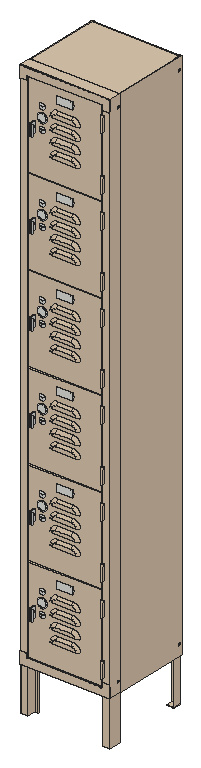
Revit family "Metal_Lockers-Salsbury_Industries-65000_66000_Series-1_Wide_Units", category Specialty Equipment, Revit 2016 (continued)
Definition of nested family "Metal Locker Legs"
  Automatic sketch dimensions
    Extrusion 5 sketch curve to plane 22 "Inside Edge or Left Rear Leg" = 0.000"
    Extrusion 5 sketch curve to plane 19 "Left Edge or Rear Left Leg" = 0.000"
    plane 20 to Extrusion 5 sketch curve = 0.000"
    Extrusion 5 sketch curve to plane 17 "Back Edge of Rear Legs" = 0.060"
    Extrusion 5 sketch curve to plane 19 "Left Edge or Rear Left Leg" = 0.060"
    plane 17 "Back Edge of Rear Legs" to Extrusion 6 sketch curve = 0.000"
    Extrusion 6 sketch curve to plane 19 "Left Edge or Rear Left Leg" = 0.000"
    plane 20 to Extrusion 6 sketch curve = 0.000"
    Extrusion 6 sketch curve to plane 22 "Inside Edge or Left Rear Leg" = 0.000"
Definition of nested family "Metal Locker Doors-12 inch with Latch Hasps"
  Parameters (values of type "Six Tier Door - 6 foot")
    Width = 9.901"
    Visible = yes
    Primary Structure Material = none
    Louver Set Vertical Alignment = 2.731"
    Number Plate Alignment = 0.9375"
    Louver Width = 4.000"
    Hinge 2 Placement = 8.449"
    Hinge 1 Placement = 1.125"
    Height = 11.532"
    Hasp Plate Rivet Material = none
    Hasp Height = 1.438"
    Depth = 0.900"
  Types (4): name | Louver Set Vertical Alignment | Hinge 2 Placement | Height
    Four Tier Door - 6 foot | 5.710" | 14.142" | 17.360"
    Four Tier Door - 5 foot | 4.240" | 11.142" | 14.360"
    Five Tier Door - 5 foot | 2.826" | 8.188" | 11.463"
    Six Tier Door - 6 foot | 2.731" | 8.449" | 11.532"
  Reference planes (in)
    plane 1 "Center (Front/Back)": y = 0
    plane 2 "Bottom of Door": z = 0
    plane 3 "Center (Left/Right)": x = 0
    plane 4 "Center (Top/Bottom)": z = 5.766
    plane 5 "Top of Door": z = 11.532
    plane 6 "Right Side of Door": x = 4.9505
    plane 7 "Left Side of Door": x = -4.9505
    plane 8 "Front of Door": y = -0.45
    plane 9 "Back of Door": y = 0.45
    plane 10 "Top of Number Plate": z = 10.5945
    plane 11 "Top of Top Vent 1": z = 8.801
    plane 12 "Top of Top Vent 2": z = 7.176
    plane 13 "Top of Top Vent 3": z = 5.551
    plane 14 "Top of Top Vent 4": z = 3.926
    plane 15 "Top of Hasp Alignment": z = 6.485
    plane 16 "Bottom of Hasp Alignment": z = 5.047
    plane 17 "Left Side of Louvers": x = -2
    plane 18 "Right Side of Louvers": x = 2
    plane 19 "Front of Louvers": y = -0.6375
    plane 20: x = -1.094
    plane 21: x = 1.094
    plane 22: z = 9.5945
    plane 23 "Center Hasp": x = -1.7755
    plane 24 "Top of Hinge 2": z = 3.083
    plane 25 "Top of Hinge 1": z = 10.407
    plane 26 "Left Hasp Hole Align": x = -4.263
    plane 27 "Right Hasp Hole Align": x = -4.013
    plane 28 "Center Hasp Stud Align": z = 7.18441
    plane 29 "Top Hasp Stud Align": z = 8.60282
    plane 30 "Vertical Hasp Stud Align": x = -3.076
    plane 31: z = 7.801
    plane 32: z = 6.176
    plane 33: z = 4.551
    plane 34: z = 2.926
    plane 35 "Vertical Center Hasp Align": x = -4.13777
  Forms (in)
    Extrusion 1, solid, material <- "Primary Structure Material", visible <- "Visible"
      sketch origin (0, 0, 0) x (1, 0, 0) y (0, 0, 1)
        loop
          line (-4.9505, 11.532) -> (-4.9505, 0) -> (4.9505, 0) -> (4.9505, 11.532) -> (-4.9505, 11.532)
      from -0.45 to 0.45
    Extrusion 2, solid, material <- "Hasp Plate Rivet Material", visible <- "Visible", detail levels medium+fine
      sketch origin (0, -0.45, 0) x (1, 0, 0) y (0, 0, 1)
        loop
          arc (-1.06847, 10.55895) -> (-1.10166, 10.09621) -> (-1.06847, 9.63347) r 3.2426
          arc (-1.06847, 9.63347) -> (0, 9.59472) -> (1.06847, 9.63347) r 14.75
          arc (1.06847, 9.63347) -> (1.10166, 10.09621) -> (1.06847, 10.55895) r 3.2426
          arc (1.06847, 10.55895) -> (0, 10.59799) -> (-1.06847, 10.55895) r 14.63753
      from 0 to 0.03497
    Extrusion 3, void
      sketch origin (-1.7755, -0.13281, 0.04687) x (0, 0, -1) y (0, -1, 0)
        loop
          circle (-5.44277, -0.16411) r 0.2
      from -0.163 to 0.163
    Extrusion 4, solid, material <- "Primary Structure Material", visible <- "Visible", detail levels medium+fine
      sketch origin (0, 0, 10.407) x (0, -1, 0) y (1, 0, 0)
        loop
          line (0.45, 4.9505) -> (0.575, 4.9505)
          arc (0.575, 4.9505) -> (0.7, 5.0755) -> (0.575, 5.2005) r 0.125
          line (0.575, 5.2005) -> (0.45, 5.2005) -> (0.45, 4.9505)
      from 0 to -2
    Extrusion 5, solid, material <- "Primary Structure Material", visible <- "Visible", detail levels medium+fine
      sketch origin (0, 0, 3.083) x (0, -1, 0) y (1, 0, 0)
        loop
          line (0.45, 4.9505) -> (0.575, 4.9505)
          arc (0.575, 4.9505) -> (0.7, 5.0755) -> (0.575, 5.2005) r 0.125
          line (0.575, 5.2005) -> (0.45, 5.2005) -> (0.45, 4.9505)
      from 0 to -2
    Extrusion 6, void
      sketch origin (0, -0.45, 0) x (1, 0, 0) y (0, 0, 1)
        loop
          line (-4.263, 6.485) -> (-4.263, 5.047) -> (-4.013, 5.047) -> (-4.013, 6.485) -> (-4.263, 6.485)
      from -0.9 to 0
    Blend 7, solid, material <- "Primary Structure Material", visible <- "Visible"
      base sketch origin (0.875, -0.45, 0.208) x (1, 0, 0) y (0, 0, 1)
        loop
          line (-2.875, 7.593) -> (1.125, 7.593)
          arc (1.125, 7.593) -> (0.83211, 8.30011) -> (0.125, 8.593) r 1
          line (0.125, 8.593) -> (-1.875, 8.593)
          arc (-1.875, 8.593) -> (-2.58211, 8.30011) -> (-2.875, 7.593) r 1
      top sketch origin (0.875, -0.6375, 0.208) x (1, 0, 0) y (0, 0, 1)
        loop
          line (-2.44242, 7.593) -> (0.69242, 7.593)
          arc (0.69242, 7.593) -> (0.52766, 7.99075) -> (0.12992, 8.1555) r 0.5625
          line (0.12992, 8.1555) -> (-1.87992, 8.1555)
          arc (-1.87992, 8.1555) -> (-2.27766, 7.99075) -> (-2.44242, 7.593) r 0.5625
      from 0 to 0
    Blend 8, solid, material <- "Primary Structure Material", visible <- "Visible"
      base sketch origin (0.875, -0.45, 1.652) x (1, 0, 0) y (0, 0, 1)
        loop
          line (-2.875, 4.524) -> (1.125, 4.524)
          arc (1.125, 4.524) -> (0.83211, 5.23111) -> (0.125, 5.524) r 1
          line (0.125, 5.524) -> (-1.875, 5.524)
          arc (-1.875, 5.524) -> (-2.58211, 5.23111) -> (-2.875, 4.524) r 1
      top sketch origin (0.875, -0.6375, 1.652) x (1, 0, 0) y (0, 0, 1)
        loop
          line (-2.43346, 4.524) -> (0.68346, 4.524)
          arc (0.68346, 4.524) -> (0.52224, 4.91321) -> (0.13303, 5.07443) r 0.55043
          line (0.13303, 5.07443) -> (-1.88303, 5.07443)
          arc (-1.88303, 5.07443) -> (-2.27224, 4.91321) -> (-2.43346, 4.524) r 0.55043
      from 0 to 0
    Blend 9, solid, material <- "Primary Structure Material", visible <- "Visible"
      base sketch origin (0.875, -0.45, -3.042) x (1, 0, 0) y (0, 0, 1)
        loop
          line (-2.875, 7.593) -> (1.125, 7.593)
          arc (1.125, 7.593) -> (0.83211, 8.30011) -> (0.125, 8.593) r 1
          line (0.125, 8.593) -> (-1.875, 8.593)
          arc (-1.875, 8.593) -> (-2.58211, 8.30011) -> (-2.875, 7.593) r 1
      top sketch origin (0.875, -0.6375, -3.042) x (1, 0, 0) y (0, 0, 1)
        loop
          line (-2.44242, 7.593) -> (0.58842, 7.593)
          arc (0.58842, 7.593) -> (0.45412, 7.91721) -> (0.12992, 8.0515) r 0.4585
          line (0.12992, 8.0515) -> (-1.98392, 8.0515)
          arc (-1.98392, 8.0515) -> (-2.30812, 7.91721) -> (-2.44242, 7.593) r 0.4585
      from 0 to 0
    Blend 10, solid, material <- "Primary Structure Material", visible <- "Visible"
      base sketch origin (0.875, -0.45, -1.598) x (1, 0, 0) y (0, 0, 1)
        loop
          line (-2.875, 4.524) -> (1.125, 4.524)
          arc (1.125, 4.524) -> (0.83211, 5.23111) -> (0.125, 5.524) r 1
          line (0.125, 5.524) -> (-1.875, 5.524)
          arc (-1.875, 5.524) -> (-2.58211, 5.23111) -> (-2.875, 4.524) r 1
      top sketch origin (0.875, -0.6375, -1.598) x (1, 0, 0) y (0, 0, 1)
        loop
          line (-2.43234, 4.524) -> (0.68234, 4.524)
          arc (0.68234, 4.524) -> (0.52129, 4.9128) -> (0.13249, 5.07385) r 0.54985
          line (0.13249, 5.07385) -> (-1.88249, 5.07385)
          arc (-1.88249, 5.07385) -> (-2.27129, 4.9128) -> (-2.43234, 4.524) r 0.54985
      from 0 to 0
    Blend 11, solid, material <- "Hasp Plate Rivet Material", visible <- "Visible", detail levels medium+fine
      base sketch origin (0, -0.45, 0) x (1, 0, 0) y (0, 0, 1)
        loop
          circle (-3.076, 5.766) r 0.375
      top sketch origin (0, -0.45, 0) x (1, 0, 0) y (0, 0, 1)
        loop
          circle (-3.076, 5.766) r 0.09706
      from 0 to 0.03497
    Blend 12, solid, material <- "Hasp Plate Rivet Material", visible <- "Visible", detail levels medium+fine
      base sketch origin (0, -0.45, 2.83682) x (1, 0, 0) y (0, 0, 1)
        loop
          circle (-3.076, 5.766) r 0.375
      top sketch origin (0, -0.45, 2.83682) x (1, 0, 0) y (0, 0, 1)
        loop
          circle (-3.076, 5.766) r 0.09706
      from 0 to 0.03497
    Blend 13, solid, material <- "Hasp Plate Rivet Material", visible <- "Visible", detail levels medium+fine
      base sketch origin (0, -0.45, -0.16841) x (1, 0, 0) y (0, 0, 1)
        loop
          circle (-3.076, 7.35282) r 0.625
      top sketch origin (0, -0.45, -0.16841) x (1, 0, 0) y (0, 0, 1)
        loop
          circle (-3.076, 7.35282) r 0.58088
      from 0 to 0.03497
    Extrusion 14, solid, material <- "Hasp Plate Rivet Material", visible <- "Visible"
      sketch origin (0, 0, 5.047) x (0, -1, 0) y (1, 0, 0)
        loop
          line (-0.45, -4.07527) -> (-0.45, -4.13777) -> (1.2, -4.13777)
          arc (1.2, -4.13777) -> (1.24419, -4.11946) -> (1.2625, -4.07527) r 0.0625
          line (1.2625, -4.07527) -> (1.2625, -3.76277) -> (1.20579, -3.76277) -> (1.20579, -4.0127)
          arc (1.20579, -4.0127) -> (1.18746, -4.05694) -> (1.14322, -4.07527) r 0.06257
          line (1.14322, -4.07527) -> (-0.45, -4.07527)
      from 0 to 1.438
    Extrusion 15, solid, material <- "Hasp Plate Rivet Material", visible <- "Visible"
      sketch origin (0, 0, 5.047) x (0, -1, 0) y (1, 0, 0)
        loop
          line (-0.45, -4.20027) -> (1.2625, -4.20027) -> (1.2625, -4.13777) -> (-0.45, -4.13777) -> (-0.45, -4.20027)
      from 0 to 1.438
    Extrusion 16, void
      sketch origin (-4.013, 0, 0) x (0, 0, -1) y (0, -1, 0)
        loop
          circle (-5.766, 0.82219) r 0.375
      from 0 to 0.25
  Cuts and joins
    Extrusion 3, Extrusion 6 cuts Extrusion 1
    Extrusion 16 cuts Extrusion 14
    Extrusion 16 cuts Extrusion 15
  Lines and regions (in)
    symbolic lines
      curve 1: arc (-2, -0.45, 7.801) -> (-1.70711, -0.45, 8.50811) -> (-1, -0.45, 8.801) r 1
      curve 2: arc (2, -0.45, 7.801) -> (1.70711, -0.45, 8.50811) -> (1, -0.45, 8.801) r 1
      curve 3: arc (2, -0.45, 6.176) -> (1.70711, -0.45, 6.88311) -> (1, -0.45, 7.176) r 1
      curve 4: arc (-2, -0.45, 6.176) -> (-1.70711, -0.45, 6.88311) -> (-1, -0.45, 7.176) r 1
      curve 5: arc (2, -0.45, 4.551) -> (1.70711, -0.45, 5.25811) -> (1, -0.45, 5.551) r 1
      curve 6: arc (-2, -0.45, 4.551) -> (-1.70711, -0.45, 5.25811) -> (-1, -0.45, 5.551) r 1
      curve 7: arc (-2, -0.45, 2.926) -> (-1.70711, -0.45, 3.63311) -> (-1, -0.45, 3.926) r 1
      curve 8: arc (2, -0.45, 2.926) -> (1.70711, -0.45, 3.63311) -> (1, -0.45, 3.926) r 1
      curve 9: line (-2, -0.45, 2.926) -> (2, -0.45, 2.926)
      curve 10: line (1, -0.45, 3.926) -> (-1, -0.45, 3.926)
      curve 11: line (-2, -0.45, 4.551) -> (2, -0.45, 4.551)
      curve 12: line (1, -0.45, 5.551) -> (-1, -0.45, 5.551)
      curve 13: line (1, -0.45, 7.176) -> (-1, -0.45, 7.176)
      curve 14: line (-2, -0.45, 6.176) -> (2, -0.45, 6.176)
      curve 15: line (2, -0.45, 7.801) -> (-2, -0.45, 7.801)
      curve 16: line (1, -0.45, 8.801) -> (-1, -0.45, 8.801)
      curve 17: circle (-3.076, -0.45, 7.18441) r 0.625 normal (0, -1, 0)
      curve 18: circle (-3.076, -0.45, 8.60282) r 0.375 normal (0, -1, 0)
      curve 19: circle (-3.076, -0.45, 5.766) r 0.375 normal (0, -1, 0)
      curve 20: line (-4.263, -0.45, 6.485) -> (-3.76277, -0.45, 6.485)
      curve 21: line (-4.263, -0.45, 5.047) -> (-4.263, -0.45, 6.485)
      curve 22: line (-3.76277, -0.45, 5.047) -> (-4.263, -0.45, 5.047)
      curve 23: line (-3.76277, -0.45, 6.485) -> (-3.76277, -0.45, 5.047)
      curve 24: line (-4.20027, -0.44719, 5.047) -> (-4.20027, -1.2625, 5.047)
      curve 25: line (-4.20027, -1.2625, 5.047) -> (-3.76277, -1.2625, 5.047)
      curve 26: line (-3.76277, -1.2625, 5.047) -> (-3.76277, -1.20579, 5.047)
      curve 27: line (-3.76277, -1.20579, 5.047) -> (-4.0127, -1.20579, 5.047)
      curve 28: arc (-4.0127, -1.20579, 5.047) -> (-4.05694, -1.18746, 5.047) -> (-4.07527, -1.14322, 5.047) r 0.06257
      curve 29: line (-4.07527, -1.14322, 5.047) -> (-4.07527, -0.44719, 5.047)
      curve 30: line (-1.56742, -0.6375, 5.047) -> (-2, -0.45, 5.047)
      curve 31: line (1.55734, -0.6375, 5.047) -> (2.0161, -0.43865, 5.047)
      curve 32: line (1.55734, -0.6375, 5.047) -> (-1.56742, -0.6375, 5.047)
  Dimensions and locks (in)
    equal spacing: plane 5 "Top of Door", plane 4 "Center (Top/Bottom)", plane 2 "Bottom of Door"
    "Height": plane 5 "Top of Door" to plane 2 "Bottom of Door"
    equal spacing: plane 8 "Front of Door", plane 1 "Center (Front/Back)", plane 9 "Back of Door"
    "Depth": plane 8 "Front of Door" to plane 9 "Back of Door"
    equal spacing: plane 7 "Left Side of Door", plane 3 "Center (Left/Right)", plane 6 "Right Side of Door"
    "Width": plane 7 "Left Side of Door" to plane 6 "Right Side of Door"
    "Number Plate Alignment": plane 5 "Top of Door" to plane 10 "Top of Number Plate" to plane 22
    equal spacing: plane 17 "Left Side of Louvers", plane 3 "Center (Left/Right)", plane 18 "Right Side of Louvers"
    "Louver Width": plane 17 "Left Side of Louvers" to plane 18 "Right Side of Louvers"
    "Louver Set Vertical Alignment": plane 5 "Top of Door" to plane 11 "Top of Top Vent 1"
    plane 11 "Top of Top Vent 1" to plane 12 "Top of Top Vent 2" to plane 13 "Top of Top Vent 3" to plane 14 "Top of Top Vent 4" = 1.625", 1.625", 1.625"
    plane 29 "Top Hasp Stud Align" to plane 28 "Center Hasp Stud Align" to plane 15 "Top of Hasp Alignment" to plane 4 "Center (Top/Bottom)" to plane 16 "Bottom of Hasp Alignment" = 1.41841", 0.69941", 0.719", 0.719"
    "Hasp Height": plane 15 "Top of Hasp Alignment" to plane 16 "Bottom of Hasp Alignment"
    locked: plane 19 "Front of Louvers" to plane 8 "Front of Door" at 0.1875
    plane 20 to plane 3 "Center (Left/Right)" to plane 21 = 1.094" locked, 1.094" locked
    "Hinge 1 Placement": plane 5 "Top of Door" to plane 25 "Top of Hinge 1"
    "Hinge 2 Placement": plane 5 "Top of Door" to plane 24 "Top of Hinge 2"
    plane 7 "Left Side of Door" to plane 26 "Left Hasp Hole Align" to plane 27 "Right Hasp Hole Align" to plane 30 "Vertical Hasp Stud Align" = 0.6875" locked, 0.250" locked, 0.937" locked
    plane 11 "Top of Top Vent 1" to plane 31 = 1.000"
    plane 12 "Top of Top Vent 2" to plane 32 = 1.000"
    plane 13 "Top of Top Vent 3" to plane 33 = 1.000"
    plane 14 "Top of Top Vent 4" to plane 34 = 1.000"
    aligned and locked: level to plane 2 "Bottom of Door"
    aligned and locked: plane 5 "Top of Door" to Extrusion 1 sketch curve
    aligned and locked: Extrusion 1 sketch curve to plane 7 "Left Side of Door"
    aligned and locked: plane 2 "Bottom of Door" to Extrusion 1 sketch curve
    aligned and locked: plane 6 "Right Side of Door" to Extrusion 1 sketch curve
    aligned and locked: plane 15 "Top of Hasp Alignment" to Extrusion 6 sketch curve
    aligned and locked: Extrusion 6 sketch curve to plane 26 "Left Hasp Hole Align"
    aligned and locked: Extrusion 6 sketch curve to plane 16 "Bottom of Hasp Alignment"
    aligned and locked: plane 27 "Right Hasp Hole Align" to Extrusion 6 sketch curve
    aligned and locked: plane 11 "Top of Top Vent 1" to Blend 7
    aligned and locked: plane 12 "Top of Top Vent 2" to Blend 8
    aligned and locked: plane 13 "Top of Top Vent 3" to Blend 9
    aligned and locked: plane 14 "Top of Top Vent 4" to Blend 10
    aligned and locked: plane 31 to Blend 7
    aligned and locked: Blend 7 sketch curve to plane 11 "Top of Top Vent 1"
    aligned and locked: plane 31 to Blend 7 sketch curve  (x2)
    aligned and locked: Blend 8 sketch curve to plane 12 "Top of Top Vent 2"
    aligned and locked: plane 32 to Blend 8 sketch curve  (x2)
    aligned and locked: Blend 9 sketch curve to plane 13 "Top of Top Vent 3"
    aligned and locked: plane 33 to Blend 9 sketch curve  (x2)
    aligned and locked: Blend 10 sketch curve to plane 14 "Top of Top Vent 4"
    aligned and locked: plane 34 to Blend 10 sketch curve  (x2)
    aligned and locked: plane 29 "Top Hasp Stud Align" to Blend 12 sketch curve  (x2)
    aligned and locked: plane 4 "Center (Top/Bottom)" to Blend 11 sketch curve  (x2)
    aligned and locked: plane 28 "Center Hasp Stud Align" to Blend 13 sketch curve  (x2)
    aligned and locked: plane 35 "Vertical Center Hasp Align" to Extrusion 15 sketch curve
    aligned and locked: plane 35 "Vertical Center Hasp Align" to Extrusion 14 sketch curve
    aligned and locked: plane 4 "Center (Top/Bottom)" to Extrusion 16 sketch curve
    aligned and locked: curve 1 to Blend 7  (x2)
    aligned and locked: Blend 7 to curve 2  (x2)
    aligned and locked: curve 3 to Blend 8
    aligned and locked: Blend 8 to curve 3
    aligned and locked: curve 4 to Blend 8
    aligned and locked: curve 5 to Blend 9
    aligned and locked: Blend 9 to curve 5
    aligned and locked: Blend 9 to curve 6
    aligned and locked: curve 6 to Blend 9
    aligned and locked: curve 7 to Blend 10
    aligned and locked: curve 8 to Blend 10
    aligned and locked: curve 9 to Blend 10
    aligned and locked: curve 10 to Blend 10
    aligned and locked: curve 14 to Blend 8
    aligned and locked: curve 20 to cut or joined group of Extrusion 1, Extrusion 3, Extrusion 6
    aligned and locked: curve 21 to cut or joined group of Extrusion 1, Extrusion 3, Extrusion 6
    aligned and locked: curve 22 to cut or joined group of Extrusion 14, Extrusion 16
    aligned and locked: curve 23 to cut or joined group of Extrusion 14, Extrusion 16
    aligned and locked: curve 24 to cut or joined group of Extrusion 15, Extrusion 16
    aligned and locked: curve 25 to cut or joined group of Extrusion 15, Extrusion 16
    aligned and locked: curve 26 to cut or joined group of Extrusion 14, Extrusion 16
    aligned and locked: curve 27 to cut or joined group of Extrusion 14, Extrusion 16
    aligned and locked: curve 28 to cut or joined group of Extrusion 14, Extrusion 16
  Automatic sketch dimensions
    Extrusion 2 sketch curve to plane 3 "Center (Left/Right)" = 0.000"  (x2)
    plane 17 "Left Side of Louvers" to Extrusion 2 sketch curve = 0.14094"
    Extrusion 2 sketch curve to plane 18 "Right Side of Louvers" = 0.14094"
    Extrusion 2 sketch curve to level = 4.03954"
    plane 25 "Top of Hinge 1" to Extrusion 2 sketch curve = 0.31079"  (x2)
    Extrusion 2 sketch curve to plane 5 "Top of Door" = 12.81272"
    Extrusion 2 sketch curve to plane 20 = 0.02553"  (x2)
    plane 21 to Extrusion 2 sketch curve = 0.02553"
    Extrusion 2 sketch curve to plane 22 = 0.03897"
    plane 13 "Top of Top Vent 3" to Extrusion 3 sketch curve = 0.06135"
    Extrusion 3 sketch curve to plane 1 "Center (Front/Back)" = 0.0313"
    Extrusion 4 sketch curve to plane 6 "Right Side of Door" = 0.000"
    plane 8 "Front of Door" to Extrusion 4 sketch curve = 0.000"
    Extrusion 4 sketch curve to plane 19 "Front of Louvers" = 0.0625"
    Extrusion 4 sketch curve to plane 6 "Right Side of Door" = 0.125"
    Extrusion 5 sketch curve to plane 6 "Right Side of Door" = 0.000"
    plane 8 "Front of Door" to Extrusion 5 sketch curve = 0.000"
    Extrusion 5 sketch curve to plane 19 "Front of Louvers" = 0.0625"
    Extrusion 5 sketch curve to plane 6 "Right Side of Door" = 0.125"
    plane 17 "Left Side of Louvers" to Blend 7 sketch curve = 0.000"
    plane 18 "Right Side of Louvers" to Blend 7 sketch curve = 0.000"
    Blend 7 sketch curve to plane 23 "Center Hasp" = 0.20808"
    Blend 7 sketch curve to plane 20 = 0.08908"
    plane 21 to Blend 7 sketch curve = 0.08908"
    plane 17 "Left Side of Louvers" to Blend 8 sketch curve = 0.000"
    plane 18 "Right Side of Louvers" to Blend 8 sketch curve = 0.000"
    Blend 8 sketch curve to plane 23 "Center Hasp" = 0.21704"
    Blend 8 sketch curve to plane 20 = 0.08597"
    plane 21 to Blend 8 sketch curve = 0.08597"
    plane 17 "Left Side of Louvers" to Blend 9 sketch curve = 0.000"
    plane 18 "Right Side of Louvers" to Blend 9 sketch curve = 0.000"
    Blend 9 sketch curve to plane 23 "Center Hasp" = 0.20808"
    plane 16 "Bottom of Hasp Alignment" to Blend 9 sketch curve = 0.0375"
    plane 21 to Blend 9 sketch curve = 0.08908"
    plane 17 "Left Side of Louvers" to Blend 10 sketch curve = 0.000"
    plane 18 "Right Side of Louvers" to Blend 10 sketch curve = 0.000"
    Blend 10 sketch curve to plane 23 "Center Hasp" = 0.21816"
    Blend 10 sketch curve to plane 20 = 0.08651"
    plane 21 to Blend 10 sketch curve = 0.08651"
    plane 30 "Vertical Hasp Stud Align" to Blend 11 sketch curve = 0.000"  (x2)
    plane 30 "Vertical Hasp Stud Align" to Blend 12 sketch curve = 0.000"  (x2)
    plane 30 "Vertical Hasp Stud Align" to Blend 13 sketch curve = 0.000"  (x2)
    Extrusion 14 sketch curve to plane 1 "Center (Front/Back)" = 0.450"
    plane 27 "Right Hasp Hole Align" to Extrusion 14 sketch curve = 0.06227"
    Extrusion 14 sketch curve to plane 27 "Right Hasp Hole Align" = 0.0003"
    plane 19 "Front of Louvers" to Extrusion 14 sketch curve = 0.50572"
    Extrusion 14 sketch curve to Extrusion 14 sketch curve = 0.05678"
    Extrusion 14 sketch curve to Extrusion 14 sketch curve = 0.24993"
    plane 9 "Back of Door" to Extrusion 15 sketch curve = 0.000"
    plane 19 "Front of Louvers" to Extrusion 15 sketch curve = 0.625"
    Extrusion 15 sketch curve to plane 26 "Left Hasp Hole Align" = 0.06273"
    Extrusion 14 sketch curve to Extrusion 14 sketch curve = 0.06257"
    plane 19 "Front of Louvers" to Extrusion 16 sketch curve = 0.18469"
    curve 19 to plane 4 "Center (Top/Bottom)" = 0.000"
    plane 30 "Vertical Hasp Stud Align" to curve 19 = 0.000"
    curve 17 to plane 28 "Center Hasp Stud Align" = 0.000"
    plane 30 "Vertical Hasp Stud Align" to curve 17 = 0.000"
    curve 18 to plane 29 "Top Hasp Stud Align" = 0.000"
    plane 30 "Vertical Hasp Stud Align" to curve 18 = 0.000"
    plane 17 "Left Side of Louvers" to curve 11 = 0.000"
    plane 17 "Left Side of Louvers" to curve 4 = 0.000"
    plane 17 "Left Side of Louvers" to curve 9 = 0.000"
    plane 17 "Left Side of Louvers" to curve 15 = 0.000"
    plane 18 "Right Side of Louvers" to curve 8 = 0.000"
    plane 18 "Right Side of Louvers" to curve 3 = 0.000"
    plane 18 "Right Side of Louvers" to curve 15 = 0.000"
    plane 18 "Right Side of Louvers" to curve 11 = 0.000"
    plane 8 "Front of Door" to curve 30 = 0.000"
    plane 19 "Front of Louvers" to curve 30 = 0.000"
    curve 30 to plane 17 "Left Side of Louvers" = 0.000"
    curve 29 to curve 27 = 0.06257"
    curve 24 to plane 8 "Front of Door" = 0.00281"
    curve 29 to plane 8 "Front of Door" = 0.00281"
    curve 31 to plane 8 "Front of Door" = 0.01135"
    curve 30 to plane 23 "Center Hasp" = 0.20808"
    plane 18 "Right Side of Louvers" to curve 32 = 0.44266"
    curve 31 to plane 18 "Right Side of Louvers" = 0.0161"
    radius of Extrusion 3 sketch curve = 0.200"
    radius of Blend 11 sketch curve = 0.375"
    radius of Blend 11 sketch curve = 0.09706"
    radius of Blend 12 sketch curve = 0.375"
    radius of Blend 12 sketch curve = 0.09706"
    radius of Blend 13 sketch curve = 0.625"
    radius of Blend 13 sketch curve = 0.58088"
    radius of Extrusion 16 sketch curve = 0.375"
    radius of curve 17 = 0.625"
    radius of curve 18 = 0.375"
    radius of curve 19 = 0.375"
Definition of nested family "Metal Locker Front Base"
  Parameters (values of type "77742 - for 12" W Lockers with Legs")
    Width = 10.040"
    Visible [instance] = yes
    Version = "1.0 (11/30/15)"
    Type Comments = "Front Base for Standard Metal Lockers"
    Primary Structure Material = none
    Model = "77742"
    MasterFormat Title = ""
    MasterFormat Number = ""
    Manufacturer = "Salsbury Industries"
    Description = "Front Base for 12\" Wide Lockers"
    Depth = 1.185"
    Height = 6.000"
    Assembly Code = ""
  Types (3): name | Width | Visible | Model | Description
    77742 - for 12" W Lockers with Legs | 10.040" | yes | "77742" | "Front Base for 12\" Wide Lockers"
    77745 - for 15" W Lockers with Legs | 13.040" | yes | "77745" | "Front Base for 15\" Wide Lockers"
    None | 10.040" | no | "77742" | "Front Base for 12\" Wide Lockers"
  Reference planes (in)
    plane 1 "Center (Front/Back)": y = -5.417
    plane 2: z = 0
    plane 3 "Center (Left/Right)": x = 0
    plane 4 "Floor": z = 0
    plane 5 "Top of Enclosure": z = 6
    plane 6 "Front of Enclosure": y = -6.005
    plane 7 "Right Side of Enclosure": x = 5.02
    plane 8 "Left Side of Enclosure": x = -5.02
    plane 9 "Back of Enclosure": y = -4.82
  Forms (in)
    Extrusion 1, solid, material <- "Primary Structure Material", visible <- "Visible"
      sketch origin (0, -6.005, 0) x (1, 0, 0) y (0, 0, 1)
        loop
          line (-5.02, 6) -> (-5.02, 0) -> (5.02, 0) -> (5.02, 6) -> (-5.02, 6)
      from -0.06 to 0
    Extrusion 2, solid, material <- "Primary Structure Material", visible <- "Visible"
      sketch origin (0, 0, 0) x (0, 1, 0) y (0, 0, 1)
        loop
          line (-5.945, 6) -> (-5.945, 5.94) -> (-4.82, 5.94) -> (-4.82, 6) -> (-5.945, 6)
      from -5.02 to 5.02
    Extrusion 3, solid, material <- "Primary Structure Material", visible <- "Visible"
      sketch origin (5.02, 0, 0) x (0, 0, -1) y (0, -1, 0)
        loop
          line (-5.75, 5.945) -> (-5.75, 4.82) -> (-0.25, 4.82) -> (-0.25, 5.945) -> (-5.75, 5.945)
      from 0 to 0.06
    Extrusion 4, solid, material <- "Primary Structure Material", visible <- "Visible"
      sketch origin (-5.02, 0, 0) x (0, 0, -1) y (0, -1, 0)
        loop
          line (-5.75, 5.945) -> (-5.75, 4.82) -> (-0.25, 4.82) -> (-0.25, 5.945) -> (-5.75, 5.945)
      from 0 to -0.06
  Dimensions and locks (in)
    "Height": plane 5 "Top of Enclosure" to plane 4 "Floor"
    plane 6 "Front of Enclosure" to plane 1 "Center (Front/Back)" = 0.588"
    "Depth": plane 6 "Front of Enclosure" to plane 9 "Back of Enclosure"
    equal spacing: plane 8 "Left Side of Enclosure", plane 3 "Center (Left/Right)", plane 7 "Right Side of Enclosure"
    "Width": plane 8 "Left Side of Enclosure" to plane 7 "Right Side of Enclosure"
    aligned and locked: level to plane 2
    aligned and locked: plane 8 "Left Side of Enclosure" to Extrusion 2
    aligned and locked: Extrusion 2 to plane 7 "Right Side of Enclosure"
    aligned and locked: Extrusion 1 to plane 7 "Right Side of Enclosure"
  Automatic sketch dimensions
    Extrusion 1 sketch curve to Extrusion 1 sketch curve = 10.040"
    Extrusion 1 sketch curve to Extrusion 1 sketch curve = 6.000"
    Extrusion 2 sketch curve to Extrusion 2 sketch curve = 1.125"
    Extrusion 2 sketch curve to Extrusion 2 sketch curve = 0.060"
    Extrusion 3 sketch curve to Extrusion 3 sketch curve = 5.500"
    Extrusion 3 sketch curve to Extrusion 3 sketch curve = 1.125"
    Extrusion 4 sketch curve to Extrusion 4 sketch curve = 5.500"
    Extrusion 4 sketch curve to Extrusion 4 sketch curve = 1.125"
    Extrusion 1 sketch curve to level = 0.000"
    plane 8 "Left Side of Enclosure" to Extrusion 1 sketch curve = 0.000"
    plane 5 "Top of Enclosure" to Extrusion 2 sketch curve = 0.000"
    Extrusion 2 sketch curve to plane 9 "Back of Enclosure" = 0.000"
    Extrusion 3 sketch curve to plane 9 "Back of Enclosure" = 0.000"
    plane 5 "Top of Enclosure" to Extrusion 3 sketch curve = 0.250"
    Extrusion 4 sketch curve to plane 9 "Back of Enclosure" = 0.000"
    plane 5 "Top of Enclosure" to Extrusion 4 sketch curve = 0.250"
Definition of nested family "Metal Locker Right Side Base"
  Parameters (values of type "77732 Right - for 12" D Lockers with Legs")
    Width including Rivet [instance] = 1.290"
    Visible = yes
    Primary Structure Material = none
    Depth = 10.422"
    Version = "1.0 (11/30/15)"
    Type Comments = "End Base for Standard Metal Lockers"
    Model = "77732"
    MasterFormat Title = ""
    MasterFormat Number = ""
    Manufacturer = "Salsbury Industries"
    Description = "1.25\"W x 6\" H x 10\"D"
    Width = 1.250"
    Height = 6.000"
    Assembly Code = ""
  Types (4): name | Visible | Depth | Model | Description
    77732 Right - for 12" D Lockers with Legs | yes | 10.422" | "77732" | "1.25\"W x 6\" H x 10\"D"
    77735 Right - for 15" D Lockers with Legs | yes | 13.422" | "77735" | "1.25\"W x 6\" H x 13\"D"
    77738 Right - for 18" D Lockers with Legs | yes | 16.422" | "77738" | "1.25\"W x 6\" H x 16\"D"
    None | no | 10.422" | "" | ""
  Reference planes (in)
    plane 1 "Center (Front/Back)": y = 0
    plane 2: z = 0
    plane 3 "Center (Left/Right)": x = 5.395
    plane 4 "Floor": z = 0
    plane 5 "Top of Enclosure": z = 6
    plane 6 "Left Side of Unit": x = 4.77
    plane 7 "Right Side of Unit": x = 6.02
    plane 8 "Left Edge of Enclosure": y = -5.211
    plane 9 "Right Edge of Enclosure": y = 5.211
    plane 10 "Left Edge of Insert": y = -6.27647
    plane 11 "Right Edge of Insert": y = -5.15147
    plane 12 "Rivet Edge": x = 6.06
  Forms (in)
    Extrusion 1, solid, material <- "Primary Structure Material", visible <- "Visible"
      sketch origin (6.02, 0, 0) x (0, 0, -1) y (0, -1, 0)
        loop
          line (-6, 5.211) -> (-6, -5.211) -> (0, -5.211) -> (0, 5.211) -> (-6, 5.211)
      from 0 to 0.06
    Extrusion 2, solid, material <- "Primary Structure Material", visible <- "Visible"
      sketch origin (0, 0, 6) x (0, -1, 0) y (1, 0, 0)
        loop
          line (5.15147, 5.96) -> (5.15147, 5.9) -> (6.27647, 5.9) -> (6.27647, 5.96) -> (5.15147, 5.96)
      from -6 to 0
    Extrusion 3, solid, material <- "Primary Structure Material", visible <- "Visible"
      sketch origin (6.02, 0, 0) x (0, 0, -1) y (0, -1, 0)
        loop
          line (-6, 4.90147) -> (-6, -3.961) -> (-5.94, -3.961) -> (-5.94, 4.90147) -> (-6, 4.90147)
      from 0.06 to 1.25
    Extrusion 4, solid, material <- "Primary Structure Material", visible <- "Visible"
      sketch origin (6.02, 0, -5.94) x (0, 0, -1) y (0, -1, 0)
        loop
          line (-6, 4.90147) -> (-6, -3.961) -> (-5.94, -3.961) -> (-5.94, 4.90147) -> (-6, 4.90147)
      from 0.06 to 1.25
  Dimensions and locks (in)
    "Height": plane 5 "Top of Enclosure" to plane 4 "Floor"
    plane 10 "Left Edge of Insert" to plane 8 "Left Edge of Enclosure" to plane 11 "Right Edge of Insert" = 1.06547" locked, 0.05953" locked
    equal spacing: plane 8 "Left Edge of Enclosure", plane 1 "Center (Front/Back)", plane 9 "Right Edge of Enclosure"
    "Depth": plane 8 "Left Edge of Enclosure" to plane 9 "Right Edge of Enclosure"
    equal spacing: plane 6 "Left Side of Unit", plane 3 "Center (Left/Right)", plane 7 "Right Side of Unit"
    "Width": plane 6 "Left Side of Unit" to plane 7 "Right Side of Unit"
    locked: plane 7 "Right Side of Unit" to plane 12 "Rivet Edge" at 0.04
    "Width including Rivet": plane 6 "Left Side of Unit" to plane 12 "Rivet Edge"
    aligned and locked: level to plane 2
    aligned and locked: plane 11 "Right Edge of Insert" to Extrusion 2
    aligned and locked: plane 10 "Left Edge of Insert" to Extrusion 2
    aligned and locked: Extrusion 3 to Extrusion 1
    aligned and locked: plane 6 "Left Side of Unit" to Extrusion 3
  Automatic sketch dimensions
    plane 5 "Top of Enclosure" to Extrusion 1 sketch curve = 0.000"
    Extrusion 1 sketch curve to level = 0.000"
    Extrusion 2 sketch curve to plane 8 "Left Edge of Enclosure" = 0.05953"
    plane 7 "Right Side of Unit" to Extrusion 2 sketch curve = 0.120"
    Extrusion 2 sketch curve to Extrusion 2 sketch curve = 0.060"
    Extrusion 1 sketch curve to plane 8 "Left Edge of Enclosure" = 0.000"
    Extrusion 1 sketch curve to plane 9 "Right Edge of Enclosure" = 0.000"
    plane 10 "Left Edge of Insert" to Extrusion 2 sketch curve = 0.000"
    plane 5 "Top of Enclosure" to Extrusion 3 sketch curve = 0.000"
    Extrusion 3 sketch curve to Extrusion 3 sketch curve = 0.060"
    plane 9 "Right Edge of Enclosure" to Extrusion 3 sketch curve = 1.250"
    Extrusion 3 sketch curve to plane 11 "Right Edge of Insert" = 0.250"
    Extrusion 4 sketch curve to level = 0.000"
    level to Extrusion 4 sketch curve = 0.060"
    plane 9 "Right Edge of Enclosure" to Extrusion 4 sketch curve = 1.250"
    Extrusion 4 sketch curve to plane 11 "Right Edge of Insert" = 0.250"
Definition of nested family "Metal Locker Left Side Base"
  Parameters (values of type "77732 Left - for 12" D Lockers with Legs")
    Width including Rivet [instance] = 1.290"
    Visible = yes
    Primary Structure Material = none
    Depth = 10.422"
    Version = "1.0 (11/30/15)"
    Type Comments = "End Base for Standard Metal Lockers"
    Model = "77732"
    MasterFormat Title = ""
    MasterFormat Number = ""
    Manufacturer = "Salsbury Industries"
    Description = "1.25\"W x 6\" H x 10\"D"
    Width = 1.250"
    Height = 6.000"
    Assembly Code = ""
  Types (4): name | Visible | Depth | Model | Description
    77732 Left - for 12" D Lockers with Legs | yes | 10.422" | "77732" | "1.25\"W x 6\" H x 10\"D"
    77735 Left - for 15" D Lockers with Legs | yes | 13.422" | "77735" | "1.25\"W x 6\" H x 13\"D"
    77738 Left - for 18" D Lockers with Legs | yes | 16.422" | "77738" | "1.25\"W x 6\" H x 16\"D"
    None | no | 10.422" | "" | ""
  Reference planes (in)
    plane 1 "Center (Front/Back)": y = 0
    plane 2: z = 0
    plane 3 "Center (Left/Right)": x = 5.395
    plane 4 "Floor": z = 0
    plane 5 "Top of Enclosure": z = 6
    plane 6 "Left Side of Unit": x = 4.77
    plane 7 "Right Side of Unit": x = 6.02
    plane 8 "Left Edge of Enclosure": y = -5.211
    plane 9 "Right Edge of Enclosure": y = 5.211
    plane 10 "Left Edge of Insert": y = -6.27647
    plane 11 "Right Edge of Insert": y = -5.15147
    plane 12 "Edge of Rivet": x = 4.73
  Forms (in)
    Extrusion 1, solid, material <- "Primary Structure Material", visible <- "Visible"
      sketch origin (6.02, 0, 0) x (0, 0, -1) y (0, -1, 0)
        loop
          line (-6, 4.90147) -> (-6, -3.961) -> (-5.94, -3.961) -> (-5.94, 4.90147) -> (-6, 4.90147)
      from 0 to 1.19
    Extrusion 2, solid, material <- "Primary Structure Material", visible <- "Visible"
      sketch origin (6.02, 0, -5.94) x (0, 0, -1) y (0, -1, 0)
        loop
          line (-6, 4.90147) -> (-6, -3.961) -> (-5.94, -3.961) -> (-5.94, 4.90147) -> (-6, 4.90147)
      from 0 to 1.19
    Extrusion 3, solid, material <- "Primary Structure Material", visible <- "Visible"
      sketch origin (4.77, 0, 0) x (0, 0, -1) y (0, 1, 0)
        loop
          line (-6, -5.211) -> (0, -5.211) -> (0, 5.211) -> (-6, 5.211) -> (-6, -5.211)
      from 0 to 0.06
    Extrusion 4, solid, material <- "Primary Structure Material", visible <- "Visible"
      sketch origin (10.79, 0, 6) x (0, -1, 0) y (1, 0, 0)
        loop
          line (5.15147, -5.96) -> (6.27647, -5.96) -> (6.27647, -5.9) -> (5.15147, -5.9) -> (5.15147, -5.96)
      from -6 to 0
  Dimensions and locks (in)
    "Height": plane 5 "Top of Enclosure" to plane 4 "Floor"
    plane 10 "Left Edge of Insert" to plane 8 "Left Edge of Enclosure" to plane 11 "Right Edge of Insert" = 1.06547" locked, 0.05953" locked
    equal spacing: plane 8 "Left Edge of Enclosure", plane 1 "Center (Front/Back)", plane 9 "Right Edge of Enclosure"
    "Depth": plane 8 "Left Edge of Enclosure" to plane 9 "Right Edge of Enclosure"
    equal spacing: plane 6 "Left Side of Unit", plane 3 "Center (Left/Right)", plane 7 "Right Side of Unit"
    "Width": plane 6 "Left Side of Unit" to plane 7 "Right Side of Unit"
    "Width including Rivet": plane 12 "Edge of Rivet" to plane 7 "Right Side of Unit"
    plane 12 "Edge of Rivet" to plane 6 "Left Side of Unit" = 0.040"
    aligned and locked: level to plane 2
    aligned and locked: Extrusion 1 to Extrusion 3
    aligned and locked: Extrusion 2 to Extrusion 3
  Automatic sketch dimensions
    plane 5 "Top of Enclosure" to Extrusion 1 sketch curve = 0.000"
    Extrusion 1 sketch curve to Extrusion 1 sketch curve = 0.060"
    plane 9 "Right Edge of Enclosure" to Extrusion 1 sketch curve = 1.250"
    Extrusion 1 sketch curve to plane 11 "Right Edge of Insert" = 0.250"
    Extrusion 2 sketch curve to level = 0.000"
    level to Extrusion 2 sketch curve = 0.060"
    plane 9 "Right Edge of Enclosure" to Extrusion 2 sketch curve = 1.250"
    Extrusion 2 sketch curve to plane 11 "Right Edge of Insert" = 0.250"
    plane 5 "Top of Enclosure" to Extrusion 3 sketch curve = 0.000"
    Extrusion 3 sketch curve to level = 0.000"
    Extrusion 3 sketch curve to plane 8 "Left Edge of Enclosure" = 0.000"
    Extrusion 3 sketch curve to plane 9 "Right Edge of Enclosure" = 0.000"
    plane 11 "Right Edge of Insert" to Extrusion 4 sketch curve = 0.000"
    plane 10 "Left Edge of Insert" to Extrusion 4 sketch curve = 0.000"
    plane 6 "Left Side of Unit" to Extrusion 4 sketch curve = 0.120"
    Extrusion 4 sketch curve to Extrusion 4 sketch curve = 0.060"
Definition of nested family "Metal Locker Zee Base"
  Parameters (values of type "77578 - 12"W x 18" D (Bridge)")
    Width = 12.007"
    Visible = yes
    Version = "1.0 (11/30/15)"
    Type Comments = "Zee Base Kit for Standard Metal Lockers - No Legs"
    Primary Structure Material = none
    Model = "77578"
    MasterFormat Title = ""
    MasterFormat Number = ""
    Manufacturer = "Salsbury Industries"
    Description = "4\" H x 6' L - for 12\" Deep Lockers (Includes 6 Foot Front Base, 2 End Bases, Corner Splicer and 4 Rear Legs)"
    Depth = 18.010"
    Height = 4.000"
    Assembly Code = ""
  Types (7): name | Width | Visible | Model | Depth
    77572- 12" W x 12" D | 12.040" | yes | "77572" | 12.010"
    77575 - 12" W x 15" D | 12.040" | yes | "77575" | 15.010"
    77578 - 12"W x 18"D | 12.040" | yes | "77578" | 18.010"
    77575 - 15"W x 15"D | 15.040" | yes | "77575" | 15.010"
    77578 - 15"W x 18"D | 15.040" | yes | "77578" | 18.010"
    None | 12.040" | no | "77572" | 12.010"
    77578 - 12"W x 18" D (Bridge) | 12.007" | yes | "77578" | 18.010"
  Reference planes (in)
    plane 1 "Center (Front/Back)": y = 0
    plane 2: z = 0
    plane 3 "Center (Left/Right)": x = 0
    plane 4 "Floor": z = 0
    plane 5 "Bottom of Unit": z = 4
    plane 6 "Left Side of Unit": x = -6.0035
    plane 7 "Right Side of Unit": x = 6.0035
    plane 8 "Back of Unit": y = 9.005
    plane 9 "Front of Unit": y = -9.005
    plane 10 "Right Side of Door Opening": x = 5.0035
    plane 11 "Left Side of Door Opening": x = -5.0035
    plane 12 "Top of back legs": z = 4.185
    plane 13 "Back Edge of Front Facing": y = -7.417
    plane 14 "Inside Edge of Front Leg": x = -4.5635
    plane 15 "Inside Edge of Right Leg": x = 4.5635
    plane 16: y = -7.82
    plane 17 "Back Edge of Rear Legs": y = 8.895
    plane 18 "Right Edge of Rear Right Leg": x = 5.8835
    plane 19 "Left Edge or Rear Left Leg": x = -5.8835
    plane 20: y = 7.895
    plane 21 "Inside Edge or Rear Right Leg": x = 4.8835
    plane 22 "Inside Edge or Left Rear Leg": x = -4.8835
  Forms (in)
    Extrusion 1, solid, material <- "Primary Structure Material", visible <- "Visible"
      sketch origin (0, 0, 0) x (0, -1, 0) y (1, 0, 0)
        loop
          line (-8.895, 5.8835) -> (-8.895, 4.8835) -> (-8.835, 4.8835) -> (-8.835, 5.8235) -> (-7.895, 5.8235) -> (-7.895, 5.8835) -> (-8.895, 5.8835)
      from 0.06 to 4.185
    Extrusion 2, solid, material <- "Primary Structure Material", visible <- "Visible"
      sketch origin (0, 0, 0) x (0, -1, 0) y (1, 0, 0)
        loop
          line (-8.895, 5.8835) -> (-8.895, 4.8835) -> (-7.895, 4.8835) -> (-7.895, 5.8835) -> (-8.895, 5.8835)
      from 0 to 0.06
    Extrusion 3, solid, material <- "Primary Structure Material", visible <- "Visible"
      sketch origin (0, 0, 0) x (0, -1, 0) y (1, 0, 0)
        loop
          line (-8.895, -5.8835) -> (-7.895, -5.8835) -> (-7.895, -5.8235) -> (-8.835, -5.8235) -> (-8.835, -4.8835) -> (-8.895, -4.8835) -> (-8.895, -5.8835)
      from 0.06 to 4.185
    Extrusion 4, solid, material <- "Primary Structure Material", visible <- "Visible"
      sketch origin (0, 0, 0) x (0, -1, 0) y (1, 0, 0)
        loop
          line (-8.895, -5.8835) -> (-7.895, -5.8835) -> (-7.895, -4.8835) -> (-8.895, -4.8835) -> (-8.895, -5.8835)
      from 0 to 0.06
    Extrusion 5, solid, material <- "Primary Structure Material", visible <- "Visible"
      sketch origin (0, 0, 0) x (0, 1, 0) y (0, 0, 1)
        loop
          line (-9.005, 4) -> (-9.005, 3.94) -> (-7.417, 3.94) -> (-7.417, 0) -> (-5.769, 0) -> (-5.769, 0.06) -> (-7.357, 0.06) -> (-7.357, 4) -> (-9.005, 4)
      from -6.0035 to 6.0035
  Dimensions and locks (in)
    equal spacing: plane 6 "Left Side of Unit", plane 3 "Center (Left/Right)", plane 7 "Right Side of Unit"
    "Width": plane 6 "Left Side of Unit" to plane 7 "Right Side of Unit"
    "Height": plane 5 "Bottom of Unit" to plane 4 "Floor"
    equal spacing: plane 9 "Front of Unit", plane 1 "Center (Front/Back)", plane 8 "Back of Unit"
    "Depth": plane 9 "Front of Unit" to plane 8 "Back of Unit"
    plane 12 "Top of back legs" to plane 5 "Bottom of Unit" = 0.185"
    plane 6 "Left Side of Unit" to plane 11 "Left Side of Door Opening" = 1.000"
    plane 10 "Right Side of Door Opening" to plane 7 "Right Side of Unit" = 1.000"
    locked: plane 9 "Front of Unit" to plane 13 "Back Edge of Front Facing" at 1.588
    plane 11 "Left Side of Door Opening" to plane 14 "Inside Edge of Front Leg" = 0.440"
    plane 15 "Inside Edge of Right Leg" to plane 10 "Right Side of Door Opening" = 0.440"
    plane 9 "Front of Unit" to plane 16 = 1.185"
    plane 15 "Inside Edge of Right Leg" to plane 21 "Inside Edge or Rear Right Leg" to plane 10 "Right Side of Door Opening" to plane 18 "Right Edge of Rear Right Leg" to plane 7 "Right Side of Unit" = 0.320", 0.120", 0.880", 0.120"
    plane 6 "Left Side of Unit" to plane 19 "Left Edge or Rear Left Leg" to plane 11 "Left Side of Door Opening" to plane 22 "Inside Edge or Left Rear Leg" to plane 14 "Inside Edge of Front Leg" = 0.120", 0.880", 0.120", 0.320"
    plane 20 to plane 17 "Back Edge of Rear Legs" to plane 8 "Back of Unit" = 1.000", 0.110"
    aligned and locked: level to plane 2
    aligned and locked: Extrusion 1 to Extrusion 2
    aligned and locked: Extrusion 4 to Extrusion 3
    aligned and locked: Extrusion 1 to plane 18 "Right Edge of Rear Right Leg"
    aligned and locked: Extrusion 1 to plane 17 "Back Edge of Rear Legs"
    aligned and locked: Extrusion 3 to plane 19 "Left Edge or Rear Left Leg"
    aligned and locked: Extrusion 3 to plane 17 "Back Edge of Rear Legs"
    aligned and locked: Extrusion 1 to plane 12 "Top of back legs"
    aligned and locked: Extrusion 3 to plane 12 "Top of back legs"
    aligned and locked: Extrusion 5 to plane 7 "Right Side of Unit"
    aligned and locked: plane 6 "Left Side of Unit" to Extrusion 5
  Automatic sketch dimensions
    plane 17 "Back Edge of Rear Legs" to Extrusion 1 sketch curve = 0.000"
    Extrusion 1 sketch curve to plane 21 "Inside Edge or Rear Right Leg" = 0.000"
    Extrusion 1 sketch curve to plane 18 "Right Edge of Rear Right Leg" = 0.000"
    plane 20 to Extrusion 1 sketch curve = 0.000"
    plane 17 "Back Edge of Rear Legs" to Extrusion 1 sketch curve = 0.060"
    plane 18 "Right Edge of Rear Right Leg" to Extrusion 1 sketch curve = 0.060"
    plane 17 "Back Edge of Rear Legs" to Extrusion 2 sketch curve = 0.000"
    Extrusion 2 sketch curve to plane 18 "Right Edge of Rear Right Leg" = 0.000"
    plane 20 to Extrusion 2 sketch curve = 0.000"
    Extrusion 2 sketch curve to plane 21 "Inside Edge or Rear Right Leg" = 0.000"
    plane 17 "Back Edge of Rear Legs" to Extrusion 3 sketch curve = 0.000"
    Extrusion 3 sketch curve to plane 22 "Inside Edge or Left Rear Leg" = 0.000"
    Extrusion 3 sketch curve to plane 19 "Left Edge or Rear Left Leg" = 0.000"
    plane 20 to Extrusion 3 sketch curve = 0.000"
    Extrusion 3 sketch curve to plane 17 "Back Edge of Rear Legs" = 0.060"
    Extrusion 3 sketch curve to plane 19 "Left Edge or Rear Left Leg" = 0.060"
    plane 17 "Back Edge of Rear Legs" to Extrusion 4 sketch curve = 0.000"
    Extrusion 4 sketch curve to plane 19 "Left Edge or Rear Left Leg" = 0.000"
    plane 20 to Extrusion 4 sketch curve = 0.000"
    Extrusion 4 sketch curve to plane 22 "Inside Edge or Left Rear Leg" = 0.000"
    Extrusion 5 sketch curve to plane 9 "Front of Unit" = 0.000"
    Extrusion 5 sketch curve to level = 0.000"
    Extrusion 5 sketch curve to plane 13 "Back Edge of Front Facing" = 0.000"
    plane 5 "Bottom of Unit" to Extrusion 5 sketch curve = 0.000"
    Extrusion 5 sketch curve to plane 13 "Back Edge of Front Facing" = 0.060"
    Extrusion 5 sketch curve to Extrusion 5 sketch curve = 1.588"
    level to Extrusion 5 sketch curve = 0.060"
    plane 5 "Bottom of Unit" to Extrusion 5 sketch curve = 0.060"
Definition of nested family "Metal Locker Zee Base-Right Side"
  Parameters (values of type "77578 Right - 18" D")
    Width including Rivet [instance] = 1.290"
    Visible = yes
    Primary Structure Material = none
    Depth = 16.362"
    Version = "1.0 (11/30/15)"
    Type Comments = "Zee Base Kit for Standard Metal Lockers - No Legs"
    Model = "77578"
    MasterFormat Title = ""
    MasterFormat Number = ""
    Manufacturer = "Salsbury Industries"
    Description = "4\" H x 6' L - for 12\" Deep Lockers (Includes 6 Foot Front Base, 2 End Bases, Corner Splicer and 4 Rear Legs)"
    Width = 4.000"
    Height = 4.000"
    Assembly Code = ""
  Types (4): name | Visible | Depth | Type Comments | Model | Description
    77572 Right - 12" D | yes | 10.362" | "Zee Base Kit for Standard Metal Lockers - No Legs" | "77572" | "4\" H x 6' L - for 12\" Deep Lockers (Includes 6 Foot Front Base, 2 End Bases, Corner Splicer and 4 Rear Legs)"
    77575 Right - 15" D | yes | 13.362" | "Zee Base Kit for Standard Metal Lockers - No Legs" | "77575" | "4\" H x 6' L - for 12\" Deep Lockers (Includes 6 Foot Front Base, 2 End Bases, Corner Splicer and 4 Rear Legs)"
    77578 Right - 18" D | yes | 16.362" | "Zee Base Kit for Standard Metal Lockers - No Legs" | "77578" | "4\" H x 6' L - for 12\" Deep Lockers (Includes 6 Foot Front Base, 2 End Bases, Corner Splicer and 4 Rear Legs)"
    None | no | 10.362" | "End Base for Standard Metal Lockers" | "" | ""
  Reference planes (in)
    plane 1 "Center (Front/Back)": y = 0
    plane 2: z = 0
    plane 3 "Center (Left/Right)": x = 3.99
    plane 4 "Floor": z = 0
    plane 5 "Top of Enclosure": z = 4
    plane 6 "Left Edge of Insert": x = 4.77
    plane 7 "Right Side of Unit": x = 5.99
    plane 8 "Left Edge of Enclosure": y = -8.181
    plane 9 "Right Edge of Enclosure": y = 8.181
    plane 10 "Bottom Edge of Enclosure": z = 0.06
    plane 11 "Left Edge of Base": x = 1.99
  Forms (in)
    Extrusion 1, solid, material <- "Primary Structure Material", visible <- "Visible"
      sketch origin (5.99, 0, 0) x (0, 0, -1) y (0, -1, 0)
        loop
          line (-4, 6.93967) -> (-4, -6.931) -> (-3.94, -6.931) -> (-3.94, 6.93967) -> (-4, 6.93967)
      from 0.06 to 1.22
    Extrusion 2, solid, material <- "Primary Structure Material", visible <- "Visible"
      sketch origin (0, 0, 0) x (0, -1, 0) y (1, 0, 0)
        loop
          line (-8.181, 1.99) -> (-8.121, 1.99) -> (-8.121, 5.93) -> (8.121, 5.93) -> (8.121, 1.99) -> (8.181, 1.99) -> (8.181, 5.99) -> (-8.181, 5.99) -> (-8.181, 1.99)
      from 0.06 to 4
  Dimensions and locks (in)
    "Height": plane 5 "Top of Enclosure" to plane 4 "Floor"
    equal spacing: plane 8 "Left Edge of Enclosure", plane 1 "Center (Front/Back)", plane 9 "Right Edge of Enclosure"
    "Depth": plane 8 "Left Edge of Enclosure" to plane 9 "Right Edge of Enclosure"
    "Width": plane 11 "Left Edge of Base" to plane 7 "Right Side of Unit"
    equal spacing: plane 11 "Left Edge of Base", plane 3 "Center (Left/Right)", plane 7 "Right Side of Unit"
    locked: plane 4 "Floor" to plane 10 "Bottom Edge of Enclosure" at 0.06
    aligned and locked: level to plane 2
    aligned and locked: plane 6 "Left Edge of Insert" to Extrusion 1
    aligned and locked: Extrusion 2 to plane 9 "Right Edge of Enclosure"
    aligned and locked: Extrusion 2 to plane 10 "Bottom Edge of Enclosure"
    aligned and locked: plane 11 "Left Edge of Base" to Extrusion 2
  Automatic sketch dimensions
    plane 5 "Top of Enclosure" to Extrusion 1 sketch curve = 0.000"
    Extrusion 1 sketch curve to Extrusion 1 sketch curve = 0.060"
    plane 9 "Right Edge of Enclosure" to Extrusion 1 sketch curve = 1.250"
    Extrusion 1 sketch curve to plane 8 "Left Edge of Enclosure" = 1.24133"
    Extrusion 2 sketch curve to plane 7 "Right Side of Unit" = 0.000"
    plane 9 "Right Edge of Enclosure" to Extrusion 2 sketch curve = 0.000"
    plane 6 "Left Edge of Insert" to Extrusion 2 sketch curve = 2.780"  (x2)
    Extrusion 2 sketch curve to Extrusion 2 sketch curve = 0.060"
    plane 7 "Right Side of Unit" to Extrusion 2 sketch curve = 0.060"
    Extrusion 2 sketch curve to plane 8 "Left Edge of Enclosure" = 0.060"
    Extrusion 2 sketch curve to plane 8 "Left Edge of Enclosure" = 0.000"
Definition of nested family "Metal Locker Zee Base-Left Side"
  Parameters (values of type "77572 Left - 12" D")
    Width including Rivet [instance] = 1.290"
    Visible = yes
    Primary Structure Material = none
    Depth = 10.362"
    Version = "1.0 (11/30/15)"
    Type Comments = "Zee Base Kit for Standard Metal Lockers - No Legs"
    Model = "77572"
    MasterFormat Title = ""
    MasterFormat Number = ""
    Manufacturer = "Salsbury Industries"
    Description = "4\" H x 6' L - for 12\" Deep Lockers (Includes 6 Foot Front Base, 2 End Bases, Corner Splicer and 4 Rear Legs)"
    Width = 4.000"
    Height = 4.000"
    Assembly Code = ""
  Types (4): name | Visible | Depth | Type Comments | Model | Description
    77572 Left - 12" D | yes | 10.362" | "Zee Base Kit for Standard Metal Lockers - No Legs" | "77572" | "4\" H x 6' L - for 12\" Deep Lockers (Includes 6 Foot Front Base, 2 End Bases, Corner Splicer and 4 Rear Legs)"
    77575 Left - 15" D | yes | 13.362" | "Zee Base Kit for Standard Metal Lockers - No Legs" | "77575" | "4\" H x 6' L - for 12\" Deep Lockers (Includes 6 Foot Front Base, 2 End Bases, Corner Splicer and 4 Rear Legs)"
    77578 Left- 18" D | yes | 16.362" | "Zee Base Kit for Standard Metal Lockers - No Legs" | "77578" | "4\" H x 6' L - for 12\" Deep Lockers (Includes 6 Foot Front Base, 2 End Bases, Corner Splicer and 4 Rear Legs)"
    None | no | 10.362" | "End Base for Standard Metal Lockers" | "" | ""
  Reference planes (in)
    plane 1 "Center (Front/Back)": y = 0
    plane 2: z = 0
    plane 3 "Center (Left/Right)": x = 3.99
    plane 4 "Floor": z = 0
    plane 5 "Top of Enclosure": z = 4
    plane 6 "Right Side of Unit": x = 5.99
    plane 7 "Left Edge of Enclosure": y = -5.181
    plane 8 "Right Edge of Enclosure": y = 5.181
    plane 9 "Bottom Edge of Enclosure": z = 0.06
    plane 10 "Left Edge of Base": x = 1.99
    plane 11 "Right Edge of Inser": x = 3.21
  Forms (in)
    Extrusion 1, solid, material <- "Primary Structure Material", visible <- "Visible"
      sketch origin (7.98, 0, 0) x (0, -1, 0) y (1, 0, 0)
        loop
          line (-5.181, -1.99) -> (-5.181, -5.99) -> (5.181, -5.99) -> (5.181, -1.99) -> (5.121, -1.99) -> (5.121, -5.93) -> (-5.121, -5.93) -> (-5.121, -1.99) -> (-5.181, -1.99)
      from 0.06 to 4
    Extrusion 2, solid, material <- "Primary Structure Material", visible <- "Visible"
      sketch origin (1.99, 0, 0) x (0, 0, -1) y (0, 1, 0)
        loop
          line (-4, -3.93967) -> (-3.94, -3.93967) -> (-3.94, 3.931) -> (-4, 3.931) -> (-4, -3.93967)
      from 0.06 to 1.22
  Dimensions and locks (in)
    "Height": plane 5 "Top of Enclosure" to plane 4 "Floor"
    equal spacing: plane 7 "Left Edge of Enclosure", plane 1 "Center (Front/Back)", plane 8 "Right Edge of Enclosure"
    "Depth": plane 7 "Left Edge of Enclosure" to plane 8 "Right Edge of Enclosure"
    "Width": plane 10 "Left Edge of Base" to plane 6 "Right Side of Unit"
    equal spacing: plane 10 "Left Edge of Base", plane 3 "Center (Left/Right)", plane 6 "Right Side of Unit"
    locked: plane 4 "Floor" to plane 9 "Bottom Edge of Enclosure" at 0.06
    aligned and locked: level to plane 2
    aligned and locked: plane 10 "Left Edge of Base" to Extrusion 1
  Automatic sketch dimensions
    plane 8 "Right Edge of Enclosure" to Extrusion 1 sketch curve = 0.000"
    Extrusion 1 sketch curve to plane 6 "Right Side of Unit" = 0.000"  (x2)
    plane 7 "Left Edge of Enclosure" to Extrusion 1 sketch curve = 0.000"
    Extrusion 1 sketch curve to plane 10 "Left Edge of Base" = 0.000"
    Extrusion 1 sketch curve to Extrusion 1 sketch curve = 0.060"
    plane 7 "Left Edge of Enclosure" to Extrusion 1 sketch curve = 0.060"
    plane 10 "Left Edge of Base" to Extrusion 1 sketch curve = 0.060"
    plane 5 "Top of Enclosure" to Extrusion 2 sketch curve = 0.000"
    Extrusion 2 sketch curve to Extrusion 2 sketch curve = 0.060"
    Extrusion 2 sketch curve to plane 7 "Left Edge of Enclosure" = 1.24133"
    plane 8 "Right Edge of Enclosure" to Extrusion 2 sketch curve = 1.250"
Definition of nested family "Metal Locker Zee Base Corner"
  Parameters (values of type "77572, 77575, 77578")
    Width = 2.000"
    Visible = yes
    Version = "1.0 (11/30/15)"
    Type Comments = "Zee Base Kit for Standard Metal Lockers - No Legs"
    Primary Structure Material = none
    Model = "n/a"
    Manufacturer = "Salsbury Industries"
    Height = 3.940"
    Description = "4\" H x 6' L - for 12\" Deep Lockers (Includes 6 Foot Front Base, 2 End Bases, Corner Splicer and 4 Rear Legs)"
    Depth = 2.000"
  Types (2): name | Visible
    77572, 77575, 77578 | yes
    None | no
  Reference planes (in)
    plane 1 "Center (Front/Back)": y = 0
    plane 2 "Bottom of Component": z = 0
    plane 3 "Center (Left/Right)": x = 0
    plane 4: z = 3.94
    plane 5: x = -1
    plane 6: x = 1
    plane 7 "Front": y = -1
    plane 8 "Back": y = 1
  Forms (in)
    Extrusion 1, solid, material <- "Primary Structure Material", visible <- "Visible"
      sketch origin (0, 0, 0) x (1, 0, 0) y (0, 1, 0)
        loop
          line (-1, 1) -> (-1, 0.94) -> (0.94, 0.94) -> (0.94, -1) -> (1, -1) -> (1, 1) -> (-1, 1)
      from 0 to 3.94
  Dimensions and locks (in)
    "Height": plane 4 to plane 2 "Bottom of Component"
    equal spacing: plane 5, plane 3 "Center (Left/Right)", plane 6
    "Width": plane 5 to plane 6
    equal spacing: plane 7 "Front", plane 1 "Center (Front/Back)", plane 8 "Back"
    "Depth": plane 7 "Front" to plane 8 "Back"
    aligned and locked: plane 2 "Bottom of Component" to level
  Automatic sketch dimensions
    Extrusion 1 sketch curve to plane 5 = 0.000"
    plane 7 "Front" to Extrusion 1 sketch curve = 0.000"
    Extrusion 1 sketch curve to plane 6 = 0.000"
    plane 8 "Back" to Extrusion 1 sketch curve = 0.000"
    plane 6 to Extrusion 1 sketch curve = 0.060"
    Extrusion 1 sketch curve to Extrusion 1 sketch curve = 0.060"
Definition of nested family "Metal Locker End Panel"
  Parameters (values of type "77362 - for 6' H x 12" D Lockers")
    Width = 0.925"
    Visible = yes
    Version = "1.0 (11/30/15)"
    Type Comments = "Finished End Panel for Standard Metal Lockers"
    Primary Structure Material = none
    Model = "77362"
    MasterFormat Title = ""
    MasterFormat Number = ""
    Manufacturer = "Salsbury Industries"
    Height = 72.000"
    Description = "End Panel for 6' H x 12\" Deep Lockers"
    Depth = 12.010"
    Assembly Code = ""
  Types (7): name | Visible | Model | Height | Description | Depth
    77362 - for 6' H x 12" D Lockers | yes | "77362" | 72.000" | "End Panel for 6' H x 12\" Deep Lockers" | 12.010"
    77365 - for 6' H x 15" D Lockers | yes | "77365" | 72.000" | "End Panel for 6' H x 15\" Deep Lockers" | 15.010"
    77368 - for 6' H X 18" D Lockers | yes | "77368" | 72.000" | "End Panel for 6' H x 18\" Deep Lockers" | 18.010"
    77352 - for 5' H x 12" D Lockers | yes | "77352" | 60.000" | "End Panel for 5' H x 12\" Deep Lockers" | 12.010"
    77355 - for 5' H x 15" D Lockers | yes | "77355" | 60.000" | "End Panel for 5' H x 15\" Deep Lockers" | 15.010"
    77358 - for 5' H x 18" D Lockers | yes | "77358" | 60.000" | "End Panel for 5' H x 18\" Deep Lockers" | 18.010"
    None | no | "n/a" | 72.000" | "" | 12.010"
  Reference planes (in)
    plane 1 "Center (Front/Back)": y = -2.167
    plane 2: z = 0
    plane 3 "Center (Left/Right)": x = -4.595
    plane 4 "Bottom of Panel": z = 0
    plane 5 "Top of Panel": z = 72
    plane 6 "Front of Panel": y = -8.172
    plane 7 "Right Side of Enclosure": x = -4.1325
    plane 8 "Left Side of Enclosure": x = -5.0575
    plane 9 "Back of Panel": y = 3.838
    plane 10: z = 36
    plane 11: z = 70.283
    plane 12: z = 1.717
    plane 13 "Outside Edge of Front Flap": y = -8.23214
    plane 14 "Outside Edge of Back Flap": y = 3.898
  Forms (in)
    Extrusion 1, solid, material <- "Primary Structure Material", visible <- "Visible"
      sketch origin (-4.1325, 0.48244, 0) x (0, 0, -1) y (0, -1, 0)
        loop
          line (-72, 8.71458) -> (-72, -3.41556) -> (0, -3.41556) -> (0, 8.71458) -> (-72, 8.71458)
      from 0 to -0.06
    Extrusion 2, solid, material <- "Primary Structure Material", visible <- "Visible"
      sketch origin (0, 3.838, 0) x (0, 0, -1) y (1, 0, 0)
        loop
          line (-72, -5.0575) -> (0, -5.0575) -> (0, -4.1325) -> (-72, -4.1325) -> (-72, -5.0575)
      from 0 to -0.06
    Extrusion 3, solid, material <- "Primary Structure Material", visible <- "Visible"
      sketch origin (0, -8.172, 0) x (1, 0, 0) y (0, 0, 1)
        loop
          line (-5.0575, 70.283) -> (-5.0575, 1.717) -> (-4.1325, 1.717) -> (-4.1325, 70.283) -> (-5.0575, 70.283)
      from 0.06014 to 0
  Dimensions and locks (in)
    equal spacing: plane 6 "Front of Panel", plane 1 "Center (Front/Back)", plane 9 "Back of Panel"
